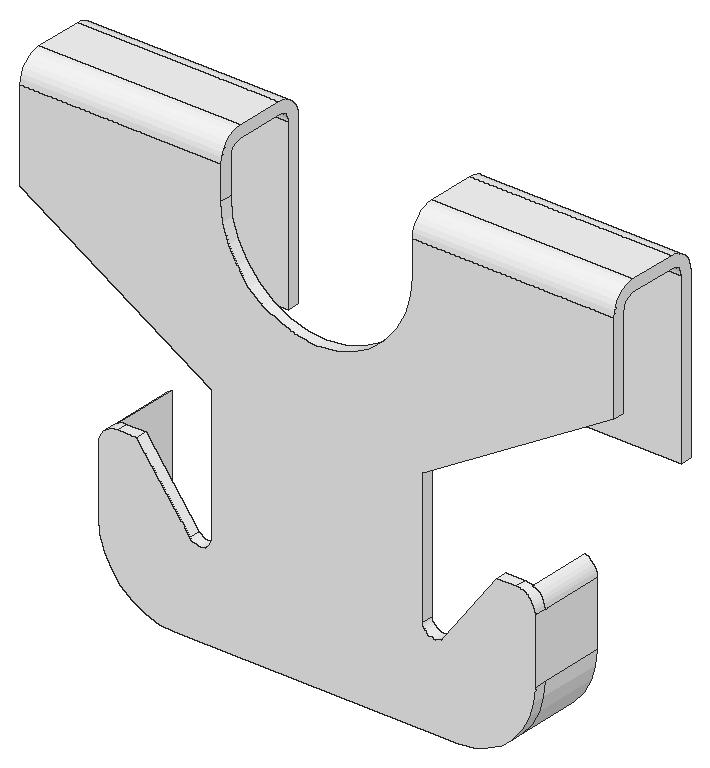
Revit family "sclip_15", category 機械設備, Revit 2022
Family settings
  丸型コネクタ寸法 = 直径を使用
  種別 = なし
  パーツ タイプ = 標準
  作業面ベース = いいえ
  常に垂直 = はい
  ロード時にボイドで切り取り = いいえ
  注釈の向きを維持 = いいえ
  共有 = いいえ
  部屋計算ポイント = いいえ
Parameters
  製造元 = "株式会社桐井製作所"
  既定の高さ = 0 mm
  URL = "https://www.kirii.co.jp/"
  K_品名 = "特殊15mmSクリップ"
  K_名称 = "特殊クリップ"
  K_入数 = "2000"
  K_バージョン情報 = "20211012"
Reference planes
  plane 1 "中心(正面/背面)": y = 0
  plane 2: z = 0
  plane 3 "中心(左/右)": x = 0
Forms (mm)
  Extrusion 1, solid
    sketch origin (0, 30, 0) x (0, 1, 0) y (0, 0, 1)
      loop
        line (-30, 0) -> (-29.4, -0.6) -> (-29.4, 22.75)
        arc (-29.4, 22.75) -> (-29.21, 23.21) -> (-28.75, 23.4) r 0.65
        line (-28.75, 23.4) -> (-26.25, 23.4)
        arc (-26.25, 23.4) -> (-25.79, 23.21) -> (-25.6, 22.75) r 0.65
        line (-25.6, 22.75) -> (-25.6, 13.4) -> (-25, 14) -> (-25, 22.75)
        arc (-25, 22.75) -> (-25.366, 23.634) -> (-26.25, 24) r 1.25
        line (-26.25, 24) -> (-28.75, 24)
        arc (-28.75, 24) -> (-29.634, 23.634) -> (-30, 22.75) r 1.25
        line (-30, 22.75) -> (-30, 0)
    from -15.5 to 15.5
  Extrusion 2, void
    sketch origin (0, 0, 0) x (1, 0, 0) y (0, 0, 1)
      loop
        line (-5.5, 12) -> (-15.5, 18) -> (-15.5, 0) -> (-7.4, 0)
        arc (-7.4, 0) -> (-10.228, 1.172) -> (-11.4, 4) r 4
        line (-11.4, 4) -> (-11.4, 7.4)
        arc (-11.4, 7.4) -> (-11.107, 8.107) -> (-10.4, 8.4) r 1
        line (-10.4, 8.4) -> (-9.4, 8.4) -> (-6.65, 4.702)
        arc (-6.65, 4.702) -> (-5.975, 4.464) -> (-5.5, 5) r 0.641
        line (-5.5, 5) -> (-5.5, 12)
      loop
        line (5.5, 12) -> (5.5, 5)
        arc (5.5, 5) -> (5.975, 4.464) -> (6.65, 4.702) r 0.641
        line (6.65, 4.702) -> (9.4, 8.4) -> (10.4, 8.4)
        arc (10.4, 8.4) -> (11.107, 8.107) -> (11.4, 7.4) r 1
        line (11.4, 7.4) -> (11.4, 4)
        arc (11.4, 4) -> (10.228, 1.172) -> (7.4, 0) r 4
        line (7.4, 0) -> (15.5, 0) -> (15.5, 18) -> (5.5, 12)
    from -0.828 to 0.213
  Extrusion 3, void
    sketch origin (0, -0.6, -0.8) x (0, 1, 0) y (0, 0, 1)
      loop
        line (0.387, 0.8) -> (0.387, -0.064) -> (1.428, -0.064) -> (1.428, 0.8) -> (0.387, 0.8)
    from -15.5 to 15.5
  Extrusion 4, solid
    sketch origin (0, 0, 0) x (1, 0, 0) y (0, 0, 1)
      loop
        arc (-11.4, 4) -> (-10.228, 1.172) -> (-7.4, 0) r 4
        line (-7.4, 0) -> (7.4, 0)
        arc (7.4, 0) -> (10.228, 1.172) -> (11.4, 4) r 4
        line (11.4, 4) -> (11.4, 7.4)
        arc (11.4, 7.4) -> (11.237, 7.948) -> (10.8, 8.317) r 1
        line (10.8, 8.317) -> (10.8, 4)
        arc (10.8, 4) -> (9.804, 1.596) -> (7.4, 0.6) r 3.4
        line (7.4, 0.6) -> (-7.4, 0.6)
        arc (-7.4, 0.6) -> (-9.804, 1.596) -> (-10.8, 4) r 3.4
        line (-10.8, 4) -> (-10.8, 8.317)
        arc (-10.8, 8.317) -> (-11.237, 7.948) -> (-11.4, 7.4) r 1
        line (-11.4, 7.4) -> (-11.4, 4)
    from -4 to 0
  Extrusion 5, void
    sketch origin (0.081, 0, 4.031) x (1, 0, 0) y (0, 0, 1)
      loop
        arc (-5.081, 16.969) -> (-0.081, 11.969) -> (4.919, 16.969) r 5
        line (4.919, 16.969) -> (4.919, 19.969) -> (-5.081, 19.969) -> (-5.081, 16.969)
    from -3.583 to 0.213
  Extrusion 6, void
    sketch origin (0, 0, 4.642) x (1, 0, 0) y (0, 0, 1)
      loop
        line (-5, 19.358) -> (-5, 9.358) -> (5, 9.358) -> (5, 19.358) -> (-5, 19.358)
    from -3.583 to -5.28
  Extrusion 7, void
    sketch origin (0, -11.6, -5.745) x (0, 1, 0) y (0, 0, 1)
      loop
        line (15.842, 19.745) -> (15.842, 18.925) -> (16.756, 18.925) -> (16.756, 19.745) -> (15.842, 19.745)
    from -15.5 to 15.5
Cuts and joins
  Extrusion 2, Extrusion 3, Extrusion 5, Extrusion 6, Extrusion 7 cuts Extrusion 1
  Extrusion 5, Extrusion 6 cuts Extrusion 4
  joined: Extrusion 1, Extrusion 4
Dimensions and locks
  aligned and locked: level to plane 2
